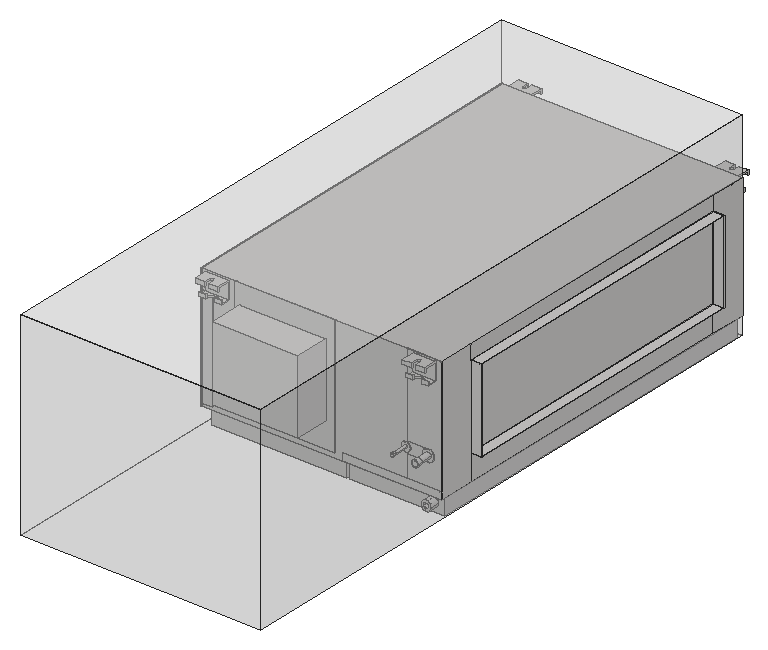
Revit family "outputfile", category 機械設備, Revit 2024
Family settings
  丸型コネクタ寸法 = 半径を使用
  パーツ タイプ = 標準
  OmniClass 番号 = 23.75.10.24.21.27.27
  OmniClass タイトル = Split System Air Conditioning Units
  作業面ベース = いいえ
  常に垂直 = はい
  ロード時にボイドで切り取り = いいえ
  注釈の向きを維持 = いいえ
  共有 = いいえ
  部屋計算ポイント = はい
Parameters (values of type "FDR200QY1")
  Description = ""
  書き出し IFC クラス(タイプ) = "IfcUnitaryEquipmentType"
  定義済み IFC タイプ(タイプ) = "AIRCONDITIONINGUNIT"
  Cost = 0
  Type Comments = ""
  Keynote = ""
  Type Image = (empty or 0)
  Assembly Code = ""
  angle_Drain Pipe [instance] = if(Rear Connection_drainpipe, -90.00°, 90.00°)  # 90.00°
  製造元 = "Daikin"
  モデル = "FDR200QY1"
  w2 = if(Depth = 2195.0 mm, 0.0 mm, if(Depth = 1980.0 mm, 0.0 mm, 352.0 mm))  # 352.0 mm
  w1 = if(Depth = 2195.0 mm, 0.0 mm, if(Depth = 1980.0 mm, 1.0 mm, 20.0 mm))  # 20.0 mm
  switch_frequency = yes
  r_Liquid Pipe Size = Liquid Pipe Size / 2  # 4.75 mm
  r_Gas Pipe Size = Gas Pipe Size / 2  # 9.55 mm
  r_Drain Pipe Size = Drain Pipe Size / 2  # 9.55 mm
  r_D = if(Depth = 2195.0 mm, 41.5 mm, if(Depth = 1980.0 mm, 41.5 mm, 34.5 mm))  # 34.5 mm
  lw_power = if(Depth = 2195.0 mm, Width / 2 - 249.0 mm, if(Depth = 1980.0 mm, Width / 2 - 128.0 mm, Width / 2 - 138.0 mm))  # 287.0 mm
  lw_mountinghole = if(Depth = 2195.0 mm, 100.0 mm, if(Depth = 1980.0 mm, 100.0 mm, if(Depth = 1330.0 mm, 59.0 mm, 59.0 mm)))  # 59.0 mm
  lh_SA = if(Depth = 2195.0 mm, 263.0 mm + SA Duct Size Height / 2, if(Depth = 1980.0 mm, 257.0 mm + SA Duct Size Height / 2, 156.0 mm + SA Duct Size Height / 2))  # 303.0 mm
  ld_SA = if(Depth = 2195.0 mm, 570.0 mm + SA Duct Size Width / 2, if(Depth = 1980.0 mm, 479.0 mm + SA Duct Size Width / 2, 128.0 mm + SA Duct Size Width / 2))  # 665.0 mm
  ld_RA = if(Depth = 2195.0 mm, 171.0 mm + RA Duct Size Width / 2, if(Depth = 1980.0 mm, 169.0 mm + RA Duct Size Width / 2, 128.0 mm + RA Duct Size Width / 2))  # 665.0 mm
  lh_power = if(Depth = 2195.0 mm, 490.0 mm, if(Depth = 1980.0 mm, 300.0 mm, 200.0 mm))  # 200.0 mm
  lh_RA = if(Depth = 2195.0 mm, 60.0 mm + RA Duct Size Height / 2, if(Depth = 1980.0 mm, 61.0 mm + RA Duct Size Height / 2, 156.0 mm + RA Duct Size Height / 2))  # 303.0 mm
  ld_power = if(Depth = 2195.0 mm, 75.8 mm, if(Depth = 1980.0 mm, 70.0 mm, 76.6 mm))  # 76.6 mm
  l_SA = if(Depth = 2195.0 mm, 36.0 mm, if(Depth = 1980.0 mm, 35.0 mm, 39.0 mm))  # 39.0 mm
  l_RA = if(Depth = 2195.0 mm, 36.0 mm, if(Depth = 1980.0 mm, 35.0 mm, 39.0 mm))  # 39.0 mm
  d = if(Depth = 1330.0 mm, 20.0 mm, 0.0 mm)  # 20.0 mm
  connector_voltage = Voltage_50Hz  # 400 V
  connector_powerinput = [Power Input (Cooling)]  # 8.920 kW
  connector_phase = Phase_50Hz  # 3
  Voltage_comment_50Hz = "380 - 415"
  Voltage_50Hz = 400 V
  URL = ""
  Supply Air Direction [instance] = yes
  Sound Power Level_H speed (dB) = 0
  Rear Connection_drainpipe [instance] = not(Front Connection_drainpipe)  # no
  Phase_50Hz = 3
  Minimum External Static Pressure = 0.00 Pa
  Minimum Circuit Amps_50Hz = 4.4 A
  Maximum Fuse Amps_50Hz = 16.0 A
  Maximum External Static Pressure = 98.00 Pa
  Material_Casing = DAIKIN_GalvanizedSteel_Casing_indoorunit
  lw_mountinghole_pitch = if(Depth = 2195.0 mm, 600.0 mm, if(Depth = 1980.0 mm, 600.0 mm, if(Depth = 1330.0 mm, 732.0 mm, 732.0 mm)))  # 732.0 mm
  lh_gaspipe = if(Depth = 2195.0 mm, 205.0 mm, if(Depth = 1980.0 mm, 205.0 mm, 187.0 mm))  # 187.0 mm
  lh_mountinghole = if(Depth = 2195.0 mm, 0.0 mm, if(Depth = 1980.0 mm, 0.0 mm, if(Depth = 1330.0 mm, 495.0 mm, 495.0 mm)))  # 495.0 mm
  lh_liquidpipe = if(Depth = 2195.0 mm, 285.0 mm, if(Depth = 1980.0 mm, 285.0 mm, 187.0 mm))  # 187.0 mm
  lh_drainpipe = if(Depth = 2195.0 mm, 38.0 mm, if(Depth = 1980.0 mm, 38.0 mm, 32.0 mm))  # 32.0 mm
  l_antena = Height - lh_mountinghole + 1.0 mm  # 6.0 mm
  ld_drainpipe = if(Depth = 2195.0 mm, Depth / 2 + 29.0 mm, if(Depth = 1980.0 mm, Depth / 2 + 29.0 mm, Depth / 2 + 9.0 mm))  # 674.0 mm
  ld_liquidpipe = if(Depth = 2195.0 mm, Depth / 2 + 55.0 mm, if(Depth = 1980.0 mm, Depth / 2 + 55.0 mm, Depth / 2 + 60.0 mm))  # 725.0 mm
  ld_gaspipe = if(Depth = 2195.0 mm, Depth / 2 + 55.0 mm, if(Depth = 1980.0 mm, Depth / 2 + 55.0 mm, Depth / 2 + 58.0 mm))  # 723.0 mm
  ld_mountinghole_pitch = if(Depth = 2195.0 mm, 2280.0 mm, if(Depth = 1980.0 mm, 2070.0 mm, 1386.0 mm))  # 1386.0 mm
  h*** = 0.0 mm  # constant formula
  lw_liquidpipe = if(Depth = 2195.0 mm, 83.0 mm, if(Depth = 1980.0 mm, 87.0 mm, 126.0 mm))  # 126.0 mm
  lw_gaspipe = if(Depth = 2195.0 mm, 83.0 mm, if(Depth = 1980.0 mm, 87.0 mm, 47.0 mm))  # 47.0 mm
  lw_drainpipe = if(Depth = 2195.0 mm, 43.0 mm, if(Depth = 1980.0 mm, 45.0 mm, 46.0 mm))  # 46.0 mm
  Width = 850.0 mm
  Version = "ver.1.0"
  Unit Type = "Duct"
  Unit Mass Weight = 106.00 kg
  Unit Designation [instance] = ""
  Uniclass2015Version = "Products v1.30"
  Uniclass2015Title = "Split coil room air conditioning units"
  Uniclass2015Code = "Pr_70_65_03_86"
  Total Cooling Capacity [instance] = 0.000 kW
  Sound Pressure Level_M speed (dBA) = 0
  Sound Pressure Level_L speed (dBA) = 0
  Sound Pressure Level_H speed (dBA) = 57
  Series = "Package Aircon_Fan Coil Unit"
  Sensible Cooling Capacity [instance] = 0.000 kW
  SA Duct Size Width = 1074.0 mm
  SA Duct Size Height = 294.0 mm
  Refrigerant Type = "R410A"
  RA Duct Size Width = 1074.0 mm
  RA Duct Size Height = 294.0 mm
  Power Input (Cooling) = 8.920 kW
  Option Accessory 3 [instance] = ""
  Option Accessory 2 [instance] = ""
  Option Accessory 1 [instance] = ""
  Nominal Cooling Capacity = 23.200 kW
  Minimum Airflow = 0.00 m³/h
  Median Airflow = 0.00 m³/h
  Maximum Airflow = 4680.00 m³/h
  Load Classification = HVAC
  Liquid Pipe Size = 9.5 mm
  Link_Nested Family [instance] = ""
  Front Connection_drainpipe [instance] = yes
  IfcVersion = ""
  IfcExportType = "AIRCONDITIONINGUNIT"
  IfcExportAs = "IfcUnitaryEquipmentType"
  Height = 500.0 mm
  Heat Exchanger Type = "Cross Fin Coil"
  Gas Pipe Size = 19.1 mm
  Frequency_50Hz = 50 Hz
  Fan Type = "Sirocco Fan"
  Fan Drive = "-"
  FCU Tag No. [instance] = ""
  Drain Pipe Size = 19.1 mm
  Design Supply Airflow [instance] = 0.00 m³/h
  Design Return Airflow [instance] = 0.00 m³/h
  Design External Static Pressure [instance] = 0.00 Pa
  Depth = 1330.0 mm
  既定の高さ = 0.0 mm
  Cooling Entering Wet Bulb Temperature [instance] = 0.00 °C
  Cooling Entering Dry Bulb Temperature [instance] = 0.00 °C
  Cooling Ambient Wet Bulb Temperature [instance] = 0.00 °C
  Cooling Ambient Dry Bulb Temperature [instance] = 0.00 °C
  Clearance visibility [instance] = yes
  Clearance Top = 200.0 mm
  Clearance Right = 0.0 mm
  Clearance Rear = 0.0 mm
  Clearance Left = 0.0 mm
  Clearance Front = 800.0 mm
  Clearance Bottom = 0.0 mm
  A = if(Depth = 2195.0 mm, 60.0 mm, if(Depth = 1980.0 mm, 61.0 mm, 63.0 mm))  # 63.0 mm
  300-500 = not([200/250])  # no
  200/250 = Depth = 1330.0 mm  # yes
Reference planes
  plane 1 "Center (Front/Back)": y = 0
  plane 2 "h": z = 0
  plane 3 "Center (Left/Right)": x = 0
  plane 4 "Back": y = 665
  plane 5 "Front": y = -665
  plane 6 "Left": x = -425
  plane 7 "Right": x = 425
  plane 8 "Top": z = 0
  plane 9 "Bottom": z = -500
  plane 10: y = 665
  plane 11: y = -1465
  plane 12: x = -425
  plane 13: x = 425
  plane 14: z = 200
  plane 15: z = -500
  plane 16 "ld_RA": y = 0
  plane 17 "lh_RA": z = -197
  plane 18 "ld_gaspipe": y = -723
  plane 19 "ld_drainpipe": y = -674
  plane 20 "lw_drainpipe": x = 379
  plane 21 "lw_liquidpipe": x = 299
  plane 22 "lw_gaspipe": x = 378
  plane 23 "lw_mountinghole": x = -366
  plane 24 "lw_mountinghole1": x = 366
  plane 25 "ld_mountinghole": y = -693
  plane 26 "ld_mountinghole1": y = 693
  plane 27 "lh_mountinghole": z = -5
  plane 28 "lh_SA": z = -197
  plane 29 "ld_liquidpipe": y = -725
  plane 30 "ld_power": y = -741.6
  plane 31 "ld_drainpipe1": y = 674
  plane 32 "ld_SA": y = 0
  plane 33 "A": z = -437
  plane 34: y = 645
  plane 35: y = -645
  plane 36: x = -405
  plane 37: x = 73
  plane 38: z = -468
  plane 39: z = -468
Forms (mm)
  Extrusion 1, solid, material "DAIKIN_GalvanizedSteel_Casing_indoorunit" <- "Material_Casing"
    sketch origin (0, 0, -500) x (-1, 0, 0) y (0, -1, 0)
      loop
        line (424, -665) -> (424, 665) -> (-425, 665) -> (-425, -665) -> (424, -665)
    from 500 to 63
  Extrusion 2, solid, material "DAIKIN_GalvanizedSteel_Casing_indoorunit" <- "Material_Casing"
    sketch origin (0, 0, -500) x (-1, 0, 0) y (0, -1, 0)
      loop
        line (405, -645) -> (405, 645) -> (-73, 645) -> (-73, -645) -> (405, -645)
    from 0 to 63
  Extrusion 3, solid, material "DAIKIN_GalvanizedSteel_Casing_indoorunit" <- "Material_Casing", visible <- "200/250"
    sketch origin (0, 0, 0) x (1, 0, 0) y (0, 0, 1)
      loop
        line (84.8, -437) -> (84.8, -500) -> (419.6, -500) -> (419.6, -437) -> (84.8, -437)
    from -645 to 645
  Extrusion 4, solid, material "DAIKIN_GalvanizedSteel_Casing_indoorunit" <- "Material_Casing", visible <- "Front Connection_drainpipe"
    sketch origin (73, -645, -500) x (-1, 0, 0) y (0, 0, -1)
      loop
        circle (-306, -32) r 17.25
      loop
        circle (-306, -32) r 9.55
    from 0 to 29
  Extrusion 5, solid, material "DAIKIN_GalvanizedSteel_Casing_indoorunit" <- "Material_Casing", visible <- "Rear Connection_drainpipe"
    sketch origin (-405, 645, -500) x (1, 0, 0) y (0, 0, -1)
      loop
        circle (784, -32) r 17.25
      loop
        circle (784, -32) r 9.55
    from 0 to 29
Dimensions and locks
  "Height": plane 8 "Top" to plane 9 "Bottom"
  equal spacing: plane 4 "Back", plane 1 "Center (Front/Back)", plane 5 "Front"
  "Depth": plane 4 "Back" to plane 5 "Front"
  equal spacing: plane 6 "Left", plane 3 "Center (Left/Right)", plane 7 "Right"
  "Width": plane 6 "Left" to plane 7 "Right"
  "Clearance Left": plane 12 to plane 6 "Left"
  "Clearance Right": plane 7 "Right" to plane 13
  "Clearance Rear": plane 10 to plane 4 "Back"
  "Clearance Front": plane 5 "Front" to plane 11
  "Clearance Top": plane 14 to plane 8 "Top"
  "Clearance Bottom": plane 9 "Bottom" to plane 15
  "ld_RA": plane 16 "ld_RA" to plane 5 "Front"
  "lh_RA": plane 17 "lh_RA" to plane 9 "Bottom"
  "lw_drainpipe": plane 20 "lw_drainpipe" to plane 7 "Right"
  "lw_liquidpipe": plane 21 "lw_liquidpipe" to plane 7 "Right"
  "lw_gaspipe": plane 22 "lw_gaspipe" to plane 7 "Right"
  "lw_mountinghole_pitch": plane 23 "lw_mountinghole" to plane 24 "lw_mountinghole1"
  equal spacing: plane 25 "ld_mountinghole", plane 1 "Center (Front/Back)", plane 26 "ld_mountinghole1"
  "ld_mountinghole_pitch": plane 26 "ld_mountinghole1" to plane 25 "ld_mountinghole"
  "lh_mountinghole": plane 27 "lh_mountinghole" to plane 9 "Bottom"
  "lh_SA": plane 28 "lh_SA" to plane 9 "Bottom"
  "h***": plane 8 "Top" to plane 2 "h"
  "lw_mountinghole": plane 6 "Left" to plane 23 "lw_mountinghole"
  "ld_drainpipe": plane 31 "ld_drainpipe1" to plane 1 "Center (Front/Back)"
  "ld_drainpipe": plane 1 "Center (Front/Back)" to plane 19 "ld_drainpipe"
  "ld_power": plane 5 "Front" to plane 30 "ld_power"
  "ld_liquidpipe": plane 29 "ld_liquidpipe" to plane 1 "Center (Front/Back)"
  "ld_gaspipe": plane 18 "ld_gaspipe" to plane 1 "Center (Front/Back)"
  "ld_SA": plane 32 "ld_SA" to plane 5 "Front"
  "A": plane 33 "A" to plane 9 "Bottom"
  "w1": plane 6 "Left" to plane 36
  "d": plane 4 "Back" to plane 34
  "d": plane 35 to plane 5 "Front"
  "w2": plane 37 to plane 7 "Right"
  locked: plane 6 "Left" to Extrusion 1 sketch curve at 1
  locked: Extrusion 3 sketch curve to Extrusion 3 sketch curve at 334.8
  locked: Extrusion 3 sketch curve to plane 7 "Right" at 5.4
  "lh_drainpipe": plane 38 to plane 9 "Bottom"
  "lh_drainpipe": plane 39 to plane 9 "Bottom"
  "r_D": diameter of Extrusion 4 sketch curve
  "Drain Pipe Size": diameter of Extrusion 4 sketch curve
  "Drain Pipe Size": diameter of Extrusion 5 sketch curve
  "r_D": diameter of Extrusion 5 sketch curve
  aligned and locked: level to plane 2 "h"
  aligned and locked: nested 4 to plane 11
  aligned and locked: nested 4 to plane 12  (x2)
  aligned and locked: nested 4 to plane 13
  aligned and locked: plane 10 to nested 4
  aligned and locked: plane 14 to nested 4
  aligned and locked: plane 15 to nested 4
  aligned and locked: nested 2 to plane 21 "lw_liquidpipe"
  aligned and locked: nested 1 to plane 22 "lw_gaspipe"
  aligned and locked: nested 1 to plane 18 "ld_gaspipe"
  aligned and locked: plane 23 "lw_mountinghole" to nested 6
  aligned and locked: nested 6 to plane 26 "ld_mountinghole1"
  aligned and locked: plane 24 "lw_mountinghole1" to nested 5
  aligned and locked: nested 5 to plane 26 "ld_mountinghole1"
  aligned and locked: plane 24 "lw_mountinghole1" to nested 8
  aligned and locked: plane 25 "ld_mountinghole" to nested 8
  aligned and locked: plane 25 "ld_mountinghole" to nested 7
  aligned and locked: plane 23 "lw_mountinghole" to nested 7
  aligned and locked: nested 2 to plane 29 "ld_liquidpipe"
  aligned and locked: plane 28 "lh_SA" to nested 9
  aligned and locked: nested 3 to plane 3 "Center (Left/Right)"
  aligned and locked: plane 1 "Center (Front/Back)" to nested 3
  aligned and locked: nested 11 to plane 3 "Center (Left/Right)"
  aligned and locked: nested 11 to plane 30 "ld_power"
  aligned and locked: nested 9 to plane 6 "Left"
  aligned and locked: nested 9 to plane 32 "ld_SA"
  aligned and locked: plane 7 "Right" to nested 10
  aligned and locked: plane 16 "ld_RA" to nested 10
  aligned and locked: plane 7 "Right" to nested 12
  aligned and locked: nested 12 to plane 1 "Center (Front/Back)"
  aligned and locked: plane 1 "Center (Front/Back)" to nested 13
  aligned and locked: nested 13 to plane 6 "Left"
  aligned and locked: plane 9 "Bottom" to nested 13
  aligned and locked: Extrusion 1 sketch curve to plane 4 "Back"
  aligned and locked: plane 5 "Front" to Extrusion 1 sketch curve
  aligned and locked: Extrusion 1 sketch curve to plane 7 "Right"
  aligned and locked: Extrusion 1 to plane 8 "Top"
  aligned and locked: Extrusion 1 to plane 33 "A"
  aligned and locked: Extrusion 2 sketch curve to plane 34
  aligned and locked: plane 36 to Extrusion 2 sketch curve
  aligned and locked: plane 35 to Extrusion 2 sketch curve
  aligned and locked: Extrusion 2 sketch curve to plane 37
  aligned and locked: plane 33 "A" to Extrusion 2
  aligned and locked: Extrusion 2 to plane 9 "Bottom"
  aligned and locked: plane 25 "ld_mountinghole" to nested 14
  aligned and locked: nested 15 to plane 26 "ld_mountinghole1"
  aligned and locked: plane 23 "lw_mountinghole" to nested 14
  aligned and locked: nested 15 to plane 23 "lw_mountinghole"
  aligned and locked: plane 9 "Bottom" to nested 15
  aligned and locked: nested 14 to plane 9 "Bottom"
  aligned and locked: plane 23 "lw_mountinghole" to nested 16
  aligned and locked: plane 24 "lw_mountinghole1" to nested 17
  aligned and locked: nested 16 to plane 25 "ld_mountinghole"
  aligned and locked: nested 17 to plane 25 "ld_mountinghole"
  aligned and locked: nested 18 to plane 26 "ld_mountinghole1"
  aligned and locked: nested 19 to plane 26 "ld_mountinghole1"
  aligned and locked: nested 19 to plane 24 "lw_mountinghole1"
  aligned and locked: nested 18 to plane 23 "lw_mountinghole"
  aligned and locked: plane 27 "lh_mountinghole" to nested 18
  aligned and locked: plane 27 "lh_mountinghole" to nested 16
  aligned and locked: plane 27 "lh_mountinghole" to nested 19
  aligned and locked: plane 27 "lh_mountinghole" to nested 17
  aligned and locked: plane 8 "Top" to nested 12
  aligned and locked: Extrusion 3 sketch curve to plane 33 "A"
  aligned and locked: plane 9 "Bottom" to Extrusion 3 sketch curve
  aligned and locked: Extrusion 3 to Extrusion 2
  aligned and locked: Extrusion 2 to Extrusion 3
  aligned and locked: nested 20 to plane 5 "Front"
  aligned and locked: plane 3 "Center (Left/Right)" to nested 20
  aligned and locked: plane 9 "Bottom" to nested 20
  aligned and locked: Extrusion 4 sketch curve to plane 20 "lw_drainpipe"  (x2)
  aligned and locked: plane 38 to Extrusion 4 sketch curve  (x2)
  aligned and locked: Extrusion 4 to plane 19 "ld_drainpipe"
  aligned and locked: Extrusion 5 sketch curve to plane 20 "lw_drainpipe"  (x2)
  aligned and locked: plane 39 to Extrusion 5 sketch curve  (x2)
  aligned and locked: plane 31 "ld_drainpipe1" to Extrusion 5
  aligned and locked: plane 1 "Center (Front/Back)" to nested 21
  aligned and locked: nested 21 to plane 20 "lw_drainpipe"
Nested families
  nested 1: "daikin_connector_rotate2" at (378, 0, -313), length <- "ld_gaspipe", built-in parameter 1001364 <- "lh_gaspipe", radius <- "r_Gas Pipe Size", type "daikin_connector_rotate2"
    with radius 9.55 mm, length 723.0 mm, angle_vertical 90.00°
  nested 2: "daikin_connector_rotate2" at (299, 0, -313), length <- "ld_liquidpipe", built-in parameter 1001364 <- "lh_liquidpipe", radius <- "r_Liquid Pipe Size", type "daikin_connector_rotate2"
    with radius 4.75 mm, length 725.0 mm, angle_vertical 90.00°
  nested 3: "daikin_△_symbolicline" at (0, 0, 500) x (0, -1, 0) z (0, 0, 1), built-in parameter 1001364 <- "Height", visible <- "Supply Air Direction", type "daikin_△_symbolicline"
    with length 250.0 mm
  nested 4: "daikin_clearancespace" at (0, -400, -149.881), visible <- "Clearance visibility", show <- "Clearance visibility", Link_Nested Family <- "Link_Nested Family", type "daikin_clearancespace"
    with width 850.0 mm, show yes, height 700.0 mm, depth 2130.0 mm, Link_Nested Family ""
  nested 5: "daikin_mountinghole" at (366, 693, -500), l_antenna <- "l_antena", Link_Nested Family <- "Link_Nested Family", h_mountinghole <- "lh_mountinghole", type "daikin_mountinghole"
    with show yes, l_antenna 6.0 mm, h_mountinghole 495.0 mm, Link_Nested Family ""
  nested 6: "daikin_mountinghole" at (-366, 693, -500), l_antenna <- "l_antena", Link_Nested Family <- "Link_Nested Family", h_mountinghole <- "lh_mountinghole", type "daikin_mountinghole"
    with show yes, l_antenna 6.0 mm, h_mountinghole 495.0 mm, Link_Nested Family ""
  nested 7: "daikin_mountinghole" at (-366, -693, -500), h_mountinghole <- "lh_mountinghole", l_antenna <- "l_antena", Link_Nested Family <- "Link_Nested Family", type "daikin_mountinghole"
    with show yes, l_antenna 6.0 mm, h_mountinghole 495.0 mm, Link_Nested Family ""
  nested 8: "daikin_mountinghole" at (366, -693, -500), h_mountinghole <- "lh_mountinghole", l_antenna <- "l_antena", Link_Nested Family <- "Link_Nested Family", type "daikin_mountinghole"
    with show yes, l_antenna 6.0 mm, h_mountinghole 495.0 mm, Link_Nested Family ""
  nested 9: "daikin_connector_rotate2" at (-425, 0, -197) x (0, -1, 0) z (0, 0, 1), built-in parameter 1001364 <- "lh_SA", length <- "l_SA", type "daikin_connector_rotate2"
    with radius 10.0 mm, length 39.0 mm, angle_vertical 90.00°
  nested 10: "daikin_connector_rotate2" at (425, 0, -197) x (0, 1, 0) z (0, 0, 1), built-in parameter 1001364 <- "lh_RA", length <- "l_RA", type "daikin_connector_rotate2"
    with radius 10.0 mm, length 39.0 mm, angle_vertical 90.00°
  nested 11: "daikin_connector_rotate2" at (0, -741.6, -300) x (0, -1, 0) z (0, 0, 1), length <- "lw_power", built-in parameter 1001364 <- "lh_power", type "daikin_connector_rotate2"
    with radius 10.0 mm, length 287.0 mm, angle_vertical 90.00°
  nested 12: "daikin_RA ductflange_FDR-QY1" at (425, 0, -500) x (0, 1, 0) z (0, 0, 1), type "daikin_RA ductflange_FDR-QY1"
    with lh_RA 156.0 mm, ld_RA 128.0 mm, l_RA 39.0 mm, a 63.0 mm, RA Duct Size Width 1074.0 mm, RA Duct Size Height 294.0 mm, Depth 1330.0 mm, Height 500.0 mm, t 0.8 mm, 200/250 yes
  nested 13: "daikin_SA ductflange_FDR-QY1" at (-425, 0, -500) x (0, -1, 0) z (0, 0, 1), type "daikin_SA ductflange_FDR-QY1"
    with lh_SA 156.0 mm, ld_SA 128.0 mm, l_SA 39.0 mm, a 63.0 mm, SA Duct Size Width 1074.0 mm, SA Duct Size Height 294.0 mm, Depth 1330.0 mm, Height 500.0 mm, t 0.8 mm, 450/500 no, 200/250以外 no, 200/250 yes
  nested 14: "daikin_anchor boltsfixture_FDR-QY1" at (-366, -693, -500), visible <- "300-500", type "daikin_anchor boltsfixture_FDR-QY1"
    with b 45.0 mm, a 61.0 mm, Width 850.0 mm, Height 500.0 mm
  nested 15: "daikin_anchor boltsfixture_FDR-QY1" at (-366, 693, -500), visible <- "300-500", type "daikin_anchor boltsfixture_FDR-QY1"
    with b 45.0 mm, a 61.0 mm, Width 850.0 mm, Height 500.0 mm
  nested 16: "daikin_hangerfixture_FDR-QY1" at (-366, -693, -5) x (0, 1, 0) z (0, 0, 1), visible <- "200/250", type "daikin_hangerfixture_FDR-QY1"
  nested 17: "daikin_hangerfixture_FDR-QY1" at (366, -693, -5) x (0, 1, 0) z (0, 0, 1), visible <- "200/250", type "daikin_hangerfixture_FDR-QY1"
  nested 18: "daikin_hangerfixture_FDR-QY1" at (-366, 693, -5) x (0, -1, 0) z (0, 0, 1), visible <- "200/250", type "daikin_hangerfixture_FDR-QY1"
  nested 19: "daikin_hangerfixture_FDR-QY1" at (366, 693, -5) x (0, -1, 0) z (0, 0, 1), visible <- "200/250", type "daikin_hangerfixture_FDR-QY1"
  nested 20: "daikin_rightpanel_FDR-QY1" at (0, -665, -500), material <- "Material_Casing", type "daikin_rightpanel_FDR-QY1"
    with material DAIKIN_GalvanizedSteel_Casing_indoorunit, 内径_gaspipe 19.1 mm, 内径_liquidpipe 9.5 mm
  nested 21: "daikin_connector_rotate2" at (379, 0, -468), built-in parameter 1001364 <- "lh_drainpipe", length <- "ld_drainpipe", radius <- "r_Drain Pipe Size", angle_vertical <- "angle_Drain Pipe", type "daikin_connector_rotate2"
    with radius 9.55 mm, length 674.0 mm, angle_vertical 90.00°
Connectors
  piping at (378, -723, -313), diameter 19.1, driven by "r_Gas Pipe Size"
    settings: on nested 1, index 4, connector inside diameter 609.6 mm, connector length 0.0 mm, flow factor 0, pipe flow 0.00 m³/h, pressure drop 0.0 Pa, fitting loss kfactor 0, connector angle 0.00°, fixture units 0, engagement length 0.0 mm, angle of deflection 0.00°, flow configuration 1, flow direction 2, fitting loss method 0, system type 29, joint type 0, gender type 0, connector reference index -1, connector utility 0, adjustable connector no, is connector primary yes, connector description "Refrigerant Gas Piping"
  piping at (299, -725, -313), diameter 9.5, driven by "r_Liquid Pipe Size"
    settings: on nested 2, index 5, connector inside diameter 609.6 mm, connector length 0.0 mm, flow factor 0, pipe flow 0.00 m³/h, pressure drop 0.0 Pa, fitting loss kfactor 0, connector angle 0.00°, fixture units 0, engagement length 0.0 mm, angle of deflection 0.00°, flow configuration 1, flow direction 1, fitting loss method 0, system type 29, joint type 0, gender type 0, connector reference index -1, connector utility 0, adjustable connector no, is connector primary no, connector description "Refrigerant Liquid Piping"
  hvac at (-464, 0, -197), driven by "SA Duct Size Height", driven by "SA Duct Size Width"
    settings: on nested 9, index 7, duct flow 0.00 m³/h, flow factor 0, pres drop 0.00 Pa, loss coef 0, conn angle 0.00°, conn width 1074.0 mm, conn height 294.0 mm, conn diameter 609.6 mm, duct sys type 1, conn prof type 1, flow config 0, flow direction 2, loss method 4, conn ref index -1, conn util no, is conn primary yes, conn desc "SA Duct"
  hvac at (464, 0, -197), driven by "RA Duct Size Height", driven by "RA Duct Size Width"
    settings: on nested 10, index 8, duct flow 0.00 m³/h, flow factor 0, pres drop 0.00 Pa, loss coef 0, conn angle 0.00°, conn width 1074.0 mm, conn height 294.0 mm, conn diameter 609.6 mm, duct sys type 2, conn prof type 1, flow config 0, flow direction 1, loss method 4, conn ref index -1, conn util no, is conn primary no, conn desc "RA Duct"
  electrical at (-287, -741.6, -300), driven by "connector_phase", driven by "Load Classification", driven by "connector_voltage", driven by "connector_powerinput"
    settings: on nested 11, index 9, voltage 400 V, apparent load 8920 VA, apparent load phase1 0 VA, apparent load phase2 0 VA, apparent load phase3 0 VA, power factor 1, load classification "HVAC", number of poles 3, system type 30, power factor state 1, is connector primary yes, connector utility no, sub classification motor no, connector description "Power Supply"
  piping at (379, -674, -468), diameter 19.1, driven by "r_Drain Pipe Size"
    settings: on nested 21, index 10, connector inside diameter 609.6 mm, connector length 0.0 mm, flow factor 0, pipe flow 0.00 m³/h, pressure drop 0.0 Pa, fitting loss kfactor 0, connector angle 0.00°, fixture units 0, engagement length 0.0 mm, angle of deflection 0.00°, flow configuration 1, flow direction 2, fitting loss method 4, system type 16, joint type 0, gender type 0, connector reference index -1, connector utility 0, adjustable connector no, is connector primary no, connector description "Condensate Drain Piping"
Definition of nested family "daikin_clearancespace"
  Parameters (values of type "daikin_clearancespace")
    Description = "daikin_clearancespace"
    width [instance] = 1823.963 mm
    show [instance] = yes
    material = none
    height [instance] = 1359.762 mm
    depth [instance] = 880.0 mm
    Default Elevation = 0.0 mm
    Link_Nested Family [instance] = ""
  Reference planes
    plane 1 "Center (Front/Back)": y = 0
    plane 2 "Center (Elevation)": z = -0.119
    plane 3 "Center (Left/Right)": x = 0
    plane 4: y = 440
    plane 5: y = -440
    plane 6 "Right": x = 911.982
    plane 7 "Left": x = -911.982
    plane 8 "Top": z = 679.762
    plane 9 "Bottom": z = -680
  Forms (mm)
    Extrusion 1, solid, material <- "material", visible <- "show"
      sketch origin (0, 0, 0) x (1, 0, 0) y (0, 1, 0)
        loop
          line (-911.982, 440) -> (-911.982, -440) -> (911.982, -440) -> (911.982, 440) -> (-911.982, 440)
      from -680 to 679.762
  Lines and regions (mm)
    symbolic lines, visible <- "show"
      curve 1: line (911.982, 440, 0) -> (-911.982, 440, 0)
      curve 2: line (-911.982, 440, 0) -> (-911.982, -440, 0)
      curve 3: line (-911.982, -440, 0) -> (911.982, -440, 0)
      curve 4: line (911.982, -440, 0) -> (911.982, 440, 0)
      curve 5: line (911.982, 0, 679.762) -> (-911.982, 0, 679.762)
      curve 6: line (911.982, 0, -680) -> (911.982, 0, 679.762)
      curve 7: line (-911.982, 0, -680) -> (911.982, 0, -680)
      curve 8: line (-911.982, 0, 679.762) -> (-911.982, 0, -680)
      curve 9: line (0, 440, 679.762) -> (0, -440, 679.762)
      curve 10: line (0, -440, 679.762) -> (0, -440, -680)
      curve 11: line (0, 440, -680) -> (0, 440, 679.762)
      curve 12: line (0, -440, -680) -> (0, 440, -680)
  Dimensions and locks
    "width": plane 7 "Left" to plane 6 "Right"
    "depth": plane 4 to plane 5
    "height": plane 8 "Top" to plane 9 "Bottom"
    equal spacing: plane 7 "Left", plane 3 "Center (Left/Right)", plane 6 "Right"
    equal spacing: plane 4, plane 1 "Center (Front/Back)", plane 5
    equal spacing: plane 8 "Top", plane 2 "Center (Elevation)", plane 9 "Bottom"
    aligned and locked: level to plane 2 "Center (Elevation)"
    aligned and locked: Extrusion 1 sketch curve to plane 4
    aligned and locked: plane 7 "Left" to Extrusion 1 sketch curve
    aligned and locked: Extrusion 1 sketch curve to plane 5
    aligned and locked: Extrusion 1 sketch curve to plane 6 "Right"
    aligned and locked: plane 8 "Top" to Extrusion 1
    aligned and locked: curve 1 to Extrusion 1
    aligned and locked: curve 2 to Extrusion 1
    aligned and locked: curve 3 to Extrusion 1
    aligned and locked: curve 4 to Extrusion 1
    aligned and locked: curve 5 to Extrusion 1
    aligned and locked: curve 6 to Extrusion 1
    aligned and locked: curve 7 to Extrusion 1
    aligned and locked: curve 8 to Extrusion 1
    aligned and locked: curve 9 to Extrusion 1
    aligned and locked: curve 10 to Extrusion 1
    aligned and locked: curve 11 to Extrusion 1
    aligned and locked: curve 12 to Extrusion 1
    aligned and locked: Extrusion 1 to plane 9 "Bottom"
Definition of nested family "daikin_RA ductflange_FDR-QY1"
  Parameters (values of type "daikin_RA ductflange_FDR-QY14")
    lh_RA = if(Depth = 2195.0 mm, 60.0 mm, if(Depth = 1980.0 mm, 61.0 mm, 156.0 mm))  # 60.0 mm
    ld_RA = if(Depth = 2195.0 mm, 171.0 mm, if(Depth = 1980.0 mm, 169.0 mm, 128.0 mm))  # 171.0 mm
    l_RA = if(Depth = 2195.0 mm, 36.0 mm, if(Depth = 1980.0 mm, 35.0 mm, 39.0 mm))  # 36.0 mm
    a = if(Depth = 2195.0 mm, 60.0 mm, if(Depth = 1980.0 mm, 61.0 mm, 63.0 mm))  # 60.0 mm
    RA Duct Size Width = if(Depth = 2195.0 mm, 1974.0 mm, if(Depth = 1980.0 mm, 1764.0 mm, 1074.0 mm))  # 1974.0 mm
    RA Duct Size Height = if(Depth = 2195.0 mm, 679.0 mm, if(Depth = 1980.0 mm, 544.0 mm, 294.0 mm))  # 679.0 mm
    Depth = 2195.0 mm
    material = none
    Height = 760.0 mm
    t = if(Depth = 1330.0 mm, 0.8 mm, 1.0 mm)  # 1.0 mm
    Default Elevation = 0.0 mm
    200/250 = Depth = 1330.0 mm  # no
  Reference planes
    plane 1 "Center (Front/Back)": y = 0
    plane 2: z = 0
    plane 3 "Center (Left/Right)": x = 0
    plane 4: x = -1097.5
    plane 5: x = 1097.5
    plane 6: z = 760
    plane 7: z = 739
    plane 8 "a": z = 60
    plane 9: x = -926.5
    plane 10: x = 1047.5
    plane 11: x = -925.5
    plane 12: x = 1046.5
    plane 13: z = 60
    plane 14: y = -36
    plane 15: y = 1
    plane 16: x = -925.5
    plane 17: x = 1046.5
  Forms (mm)
    Extrusion 1, solid, material <- "material"
      sketch origin (0, 0, 0) x (1, 0, 0) y (0, 0, 1)
        loop
          line (-1097.5, 760) -> (-1097.5, 60) -> (-925.5, 60) -> (-925.5, 760) -> (-1097.5, 760)
      from 0 to -1
    Extrusion 2, solid, material <- "material"
      sketch origin (0, 0, 0) x (1, 0, 0) y (0, 0, 1)
        loop
          line (1097.5, 760) -> (1046.5, 760) -> (1046.5, 60) -> (1097.5, 60) -> (1097.5, 760)
      from 0 to -1
    Extrusion 3, solid, material <- "material"
      sketch origin (0, 0, 0) x (1, 0, 0) y (0, 0, 1)
        loop
          line (-926.5, 739) -> (-926.5, 60) -> (-925.5, 60) -> (-925.5, 739) -> (-926.5, 739)
        loop
          line (1046.5, 739) -> (1046.5, 60) -> (1047.5, 60) -> (1047.5, 739) -> (1046.5, 739)
      from 0 to 36
    Extrusion 4, solid, material <- "material"
      sketch origin (0, 0, 0) x (0, 1, 0) y (0, 0, 1)
        loop
          line (-36, 739) -> (-36, 738) -> (1, 738) -> (1, 760) -> (0, 760) -> (0, 739) -> (-36, 739)
        loop
          line (-36, 61) -> (-36, 60) -> (1, 60) -> (1, 61) -> (-36, 61)
      from -925.5 to 1046.5
    Extrusion 5, solid, material <- "material", visible <- "200/250"
      sketch origin (0, 0, 0) x (0, 1, 0) y (0, 0, 1)
        loop
          line (0, 60) -> (0, -33) -> (1, -33) -> (1, 60) -> (0, 60)
      from -925.5 to 1046.5
  Dimensions and locks
    equal spacing: plane 5, plane 3 "Center (Left/Right)", plane 4
    "Depth": plane 5 to plane 4
    "Height": plane 6 to plane 2
    "ld_RA": plane 9 to plane 4
    "RA Duct Size Width": plane 10 to plane 9
    "a": plane 8 "a" to plane 2
    "t": plane 11 to plane 9
    "t": plane 10 to plane 12
    "lh_RA": plane 13 to plane 2
    "RA Duct Size Height": plane 7 to plane 13
    "t": Extrusion 3 sketch curve to Extrusion 3 sketch curve  (x2)
    "l_RA": plane 14 to plane 1 "Center (Front/Back)"
    "t": plane 15 to plane 1 "Center (Front/Back)"
    "t": Extrusion 4 sketch curve to Extrusion 4 sketch curve  (x2)
    "t": plane 17 to plane 10
    "t": plane 9 to plane 16
    locked: Extrusion 5 sketch curve to Extrusion 5 sketch curve at 93
    aligned and locked: level to plane 2
    aligned and locked: Extrusion 1 sketch curve to plane 6
    aligned and locked: plane 4 to Extrusion 1 sketch curve
    aligned and locked: plane 8 "a" to Extrusion 1 sketch curve
    aligned and locked: Extrusion 1 sketch curve to plane 11
    aligned and locked: Extrusion 1 to plane 1 "Center (Front/Back)"
    aligned and locked: plane 6 to Extrusion 2 sketch curve
    aligned and locked: plane 5 to Extrusion 2 sketch curve
    aligned and locked: Extrusion 2 sketch curve to plane 8 "a"
    aligned and locked: Extrusion 2 sketch curve to plane 12
    aligned and locked: Extrusion 2 to plane 1 "Center (Front/Back)"
    aligned and locked: Extrusion 3 sketch curve to plane 7  (x2)
    aligned and locked: plane 9 to Extrusion 3 sketch curve
    aligned and locked: Extrusion 3 sketch curve to plane 10
    aligned and locked: plane 13 to Extrusion 3 sketch curve  (x2)
    aligned and locked: Extrusion 3 to plane 1 "Center (Front/Back)"
    aligned and locked: Extrusion 3 to plane 14
    aligned and locked: plane 15 to Extrusion 1
    aligned and locked: plane 15 to Extrusion 2
    aligned and locked: Extrusion 4 sketch curve to plane 7
    aligned and locked: Extrusion 4 sketch curve to plane 1 "Center (Front/Back)"
    aligned and locked: Extrusion 4 sketch curve to plane 6
    aligned and locked: Extrusion 4 sketch curve to plane 15  (x2)
    aligned and locked: plane 14 to Extrusion 4 sketch curve  (x2)
    aligned and locked: plane 13 to Extrusion 4 sketch curve
    aligned and locked: Extrusion 4 to plane 16
    aligned and locked: plane 17 to Extrusion 4
    aligned and locked: Extrusion 5 sketch curve to plane 13
    aligned and locked: Extrusion 5 sketch curve to plane 1 "Center (Front/Back)"
    aligned and locked: Extrusion 5 sketch curve to plane 15
    aligned and locked: Extrusion 5 to plane 16
    aligned and locked: plane 17 to Extrusion 5
Definition of nested family "daikin_SA ductflange_FDR-QY1"
  Parameters (values of type "daikin_SA ductflange_FDR-QY14")
    lh_SA = if(Depth = 2195.0 mm, 263.0 mm, if(Depth = 1980.0 mm, 257.0 mm, 156.0 mm))  # 263.0 mm
    ld_SA = if(Depth = 2195.0 mm, 570.0 mm, if(Depth = 1980.0 mm, 479.0 mm, 128.0 mm))  # 570.0 mm
    l_SA = if(Depth = 2195.0 mm, 36.0 mm, if(Depth = 1980.0 mm, 35.0 mm, 39.0 mm))  # 36.0 mm
    a = if(Depth = 2195.0 mm, 60.0 mm, if(Depth = 1980.0 mm, 61.0 mm, 63.0 mm))  # 60.0 mm
    SA Duct Size Width = if(Depth = 2195.0 mm, 1045.0 mm, if(Depth = 1980.0 mm, 1045.0 mm, 1074.0 mm))  # 1045.0 mm
    SA Duct Size Height = if(Depth = 2195.0 mm, 347.0 mm, if(Depth = 1980.0 mm, 349.0 mm, 294.0 mm))  # 347.0 mm
    Depth = 2195.0 mm
    material = none
    Height = 760.0 mm
    t = if(Depth = 1330.0 mm, 0.8 mm, 1.0 mm)  # 1.0 mm
    Default Elevation = 0.0 mm
    450/500 = Depth = 2195.0 mm  # yes
    300/400 = Depth = 1980.0 mm  # no
    200/250以外 = not(Depth = 1330.0 mm)  # yes
    200/250 = or(Depth = 1330.0 mm, and(not(Depth = 1980.0 mm), not(Depth = 2195.0 mm)))  # no
  Reference planes
    plane 1 "Center (Front/Back)": y = 0
    plane 2: z = 0
    plane 3 "Center (Left/Right)": x = 0
    plane 4: x = -1097.5
    plane 5: x = 1097.5
    plane 6: z = 760
    plane 7: z = 610
    plane 8 "a": z = 60
    plane 9: x = -517.5
    plane 10: x = 527.5
    plane 11: z = 263
    plane 12: y = -36
    plane 13: y = 1
    plane 14: x = -516.5
    plane 15: x = 526.5
  Forms (mm)
    Extrusion 1, solid, material <- "material"
      sketch origin (0, 0, 0) x (1, 0, 0) y (0, 0, 1)
        loop
          line (-517.5, 610) -> (-517.5, 263) -> (-516.5, 263) -> (-516.5, 610) -> (-517.5, 610)
        loop
          line (526.5, 610) -> (526.5, 263) -> (527.5, 263) -> (527.5, 610) -> (526.5, 610)
      from 0 to 36
    Extrusion 2, solid, material <- "material"
      sketch origin (0, 0, 0) x (0, 1, 0) y (0, 0, 1)
        loop
          line (-36, 610) -> (-36, 609) -> (1, 609) -> (1, 610) -> (-36, 610)
        loop
          line (-36, 264) -> (-36, 263) -> (1, 263) -> (1, 264) -> (-36, 264)
      from -516.5 to 526.5
    Extrusion 3, solid, material <- "material", visible <- "200/250以外"
      sketch origin (0, 0, 0) x (1, 0, 0) y (0, 0, 1)
        loop
          line (-537.5, 610) -> (-537.5, 263) -> (-517.5, 263) -> (-517.5, 610) -> (-537.5, 610)
        loop
          line (527.5, 610) -> (527.5, 263) -> (547.5, 263) -> (547.5, 610) -> (527.5, 610)
      from 0 to -1
    Extrusion 4, solid, material <- "material", visible <- "200/250以外"
      sketch origin (0, 0, 0) x (1, 0, 0) y (0, 0, 1)
        loop
          line (-517.5, 630) -> (-517.5, 610) -> (527.5, 610) -> (527.5, 630) -> (-517.5, 630)
        loop
          line (-517.5, 263) -> (-517.5, 243) -> (527.5, 243) -> (527.5, 263) -> (-517.5, 263)
      from 0 to -1
    Extrusion 5, solid, material <- "material", visible <- "200/250"
      sketch origin (0, 0, 0) x (1, 0, 0) y (0, 0, 1)
        loop
          line (-1097.5, 760) -> (-1097.5, 60) -> (-546.5, 60) -> (-546.5, 760) -> (-1097.5, 760)
        loop
          line (655.5, 760) -> (527.5, 760) -> (527.5, 60) -> (655.5, 60) -> (655.5, 760)
      from 0 to -1
    Extrusion 6, solid, material <- "material", visible <- "200/250"
      sketch origin (0, 0, 0) x (1, 0, 0) y (0, 0, 1)
        loop
          line (-517.5, 660) -> (-517.5, 610) -> (527.5, 610) -> (527.5, 660) -> (-517.5, 660)
        loop
          line (-517.5, 263) -> (-517.5, 170) -> (527.5, 170) -> (527.5, 263) -> (-517.5, 263)
      from 0 to -1
    Extrusion 7, solid, material <- "material", visible <- "450/500"
      sketch origin (0, 0, 0) x (1, 0, 0) y (0, 0, 1)
        loop
          line (-687.5, 610) -> (-687.5, 60) -> (-537.5, 60) -> (-537.5, 610) -> (-687.5, 610)
        loop
          line (547.5, 610) -> (547.5, 60) -> (696.5, 60) -> (696.5, 610) -> (547.5, 610)
      from 0 to -1
    Extrusion 8, solid, material <- "material", visible <- "450/500"
      sketch origin (0, 0, 0) x (1, 0, 0) y (0, 0, 1)
        loop
          line (-537.5, 243) -> (-537.5, 60) -> (547.5, 60) -> (547.5, 243) -> (-537.5, 243)
        loop
          line (-688.5, 760) -> (-688.5, 610) -> (698.5, 610) -> (698.5, 760) -> (-688.5, 760)
      from 0 to -1
    Extrusion 9, solid, material <- "material", visible <- "450/500"
      sketch origin (0, 0, 0) x (1, 0, 0) y (0, 0, 1)
        loop
          line (-1097.5, 760) -> (-1097.5, 60) -> (-688.5, 60) -> (-688.5, 760) -> (-1097.5, 760)
        loop
          line (698.5, 760) -> (698.5, 60) -> (1097.5, 60) -> (1097.5, 760) -> (698.5, 760)
      from 0 to -1
    Extrusion 10, solid, material <- "material", visible <- "300/400"
      sketch origin (0, 0, 0) x (1, 0, 0) y (0, 0, 1)
        loop
          line (-687.5, 760) -> (-687.5, 60) -> (-537.5, 60) -> (-537.5, 760) -> (-687.5, 760)
        loop
          line (547.5, 760) -> (547.5, 60) -> (696.5, 60) -> (696.5, 760) -> (547.5, 760)
      from 0 to -1
    Extrusion 11, solid, material <- "material", visible <- "300/400"
      sketch origin (0, 0, 0) x (1, 0, 0) y (0, 0, 1)
        loop
          line (-537.5, 236) -> (-537.5, 60) -> (547.5, 60) -> (547.5, 236) -> (-537.5, 236)
      from 0 to -1
    Extrusion 12, solid, material <- "material", visible <- "300/400"
      sketch origin (0, 0, 0) x (1, 0, 0) y (0, 0, 1)
        loop
          line (-973.5, 760) -> (-973.5, 0) -> (1006.5, 0) -> (1006.5, 760) -> (696.5, 760) -> (696.5, 60) -> (-687.5, 60) -> (-687.5, 760) -> (-973.5, 760)
      from 0 to -1
  Dimensions and locks
    equal spacing: plane 5, plane 3 "Center (Left/Right)", plane 4
    "Depth": plane 5 to plane 4
    "Height": plane 6 to plane 2
    "SA Duct Size Width": plane 10 to plane 9
    "a": plane 8 "a" to plane 2
    "lh_SA": plane 11 to plane 2
    "SA Duct Size Height": plane 7 to plane 11
    "t": Extrusion 1 sketch curve to Extrusion 1 sketch curve  (x2)
    "l_SA": plane 12 to plane 1 "Center (Front/Back)"
    "t": plane 13 to plane 1 "Center (Front/Back)"
    "t": Extrusion 2 sketch curve to Extrusion 2 sketch curve  (x2)
    "t": plane 15 to plane 10
    "t": plane 9 to plane 14
    locked: Extrusion 3 sketch curve to Extrusion 3 sketch curve at 20  (x2)
    locked: Extrusion 4 sketch curve to Extrusion 4 sketch curve at 20  (x2)
    Extrusion 5 sketch curve to Extrusion 5 sketch curve to Extrusion 5 sketch curve = 1074.0 mm, 128.0 mm
    locked: Extrusion 6 sketch curve to Extrusion 6 sketch curve at 50
    locked: Extrusion 6 sketch curve to Extrusion 6 sketch curve at 93
    locked: Extrusion 7 sketch curve to Extrusion 7 sketch curve at 150
    locked: Extrusion 7 sketch curve to Extrusion 7 sketch curve at 149
    locked: plane 9 to Extrusion 7 sketch curve at 20
    locked: Extrusion 7 sketch curve to plane 10 at 20
    locked: plane 9 to Extrusion 8 sketch curve at 20
    locked: plane 10 to Extrusion 8 sketch curve at 20
    locked: plane 11 to Extrusion 8 sketch curve at 20
    locked: Extrusion 8 sketch curve to Extrusion 8 sketch curve at 150
    locked: plane 9 to Extrusion 8 sketch curve at 171
    locked: plane 10 to Extrusion 8 sketch curve at 171
    locked: plane 9 to Extrusion 10 sketch curve at 20
    locked: Extrusion 10 sketch curve to plane 10 at 20
    locked: Extrusion 10 sketch curve to Extrusion 10 sketch curve at 150
    locked: Extrusion 10 sketch curve to Extrusion 10 sketch curve at 149
    locked: Extrusion 11 sketch curve to Extrusion 11 sketch curve at 176
    Extrusion 12 sketch curve to Extrusion 12 sketch curve = 286.0 mm
    Extrusion 12 sketch curve to Extrusion 12 sketch curve = 310.0 mm
    "ld_SA": plane 5 to plane 10
    aligned and locked: level to plane 2
    aligned and locked: Extrusion 1 sketch curve to plane 7  (x2)
    aligned and locked: plane 9 to Extrusion 1 sketch curve
    aligned and locked: Extrusion 1 sketch curve to plane 10
    aligned and locked: plane 11 to Extrusion 1 sketch curve  (x2)
    aligned and locked: Extrusion 1 to plane 1 "Center (Front/Back)"
    aligned and locked: Extrusion 1 to plane 12
    aligned and locked: Extrusion 2 sketch curve to plane 7
    aligned and locked: Extrusion 2 sketch curve to plane 13  (x2)
    aligned and locked: plane 12 to Extrusion 2 sketch curve  (x2)
    aligned and locked: plane 11 to Extrusion 2 sketch curve
    aligned and locked: Extrusion 2 to plane 14
    aligned and locked: plane 15 to Extrusion 2
    aligned and locked: Extrusion 3 sketch curve to plane 9
    aligned and locked: Extrusion 3 sketch curve to plane 7  (x2)
    aligned and locked: plane 11 to Extrusion 3 sketch curve
    aligned and locked: Extrusion 3 to plane 1 "Center (Front/Back)"
    aligned and locked: plane 13 to Extrusion 3
    aligned and locked: plane 9 to Extrusion 4 sketch curve
    aligned and locked: Extrusion 4 sketch curve to Extrusion 4 sketch curve  (x2)
    aligned and locked: Extrusion 4 sketch curve to plane 10
    aligned and locked: plane 7 to Extrusion 4 sketch curve
    aligned and locked: Extrusion 4 sketch curve to plane 11
    aligned and locked: Extrusion 4 to plane 1 "Center (Front/Back)"
    aligned and locked: plane 13 to Extrusion 4
    aligned and locked: Extrusion 5 sketch curve to plane 6
    aligned and locked: plane 4 to Extrusion 5 sketch curve
    aligned and locked: plane 8 "a" to Extrusion 5 sketch curve
    aligned and locked: Extrusion 5 sketch curve to plane 8 "a"
    aligned and locked: Extrusion 5 sketch curve to plane 10
    aligned and locked: Extrusion 5 to plane 1 "Center (Front/Back)"
    aligned and locked: plane 13 to Extrusion 5
    aligned and locked: plane 9 to Extrusion 6 sketch curve
    aligned and locked: Extrusion 6 sketch curve to Extrusion 6 sketch curve  (x2)
    aligned and locked: Extrusion 6 sketch curve to plane 10
    aligned and locked: plane 7 to Extrusion 6 sketch curve
    aligned and locked: Extrusion 6 sketch curve to plane 11
    aligned and locked: Extrusion 6 to plane 1 "Center (Front/Back)"
    aligned and locked: plane 13 to Extrusion 6
    aligned and locked: Extrusion 7 sketch curve to Extrusion 7 sketch curve  (x2)
    aligned and locked: Extrusion 7 sketch curve to plane 7
    aligned and locked: plane 8 "a" to Extrusion 7 sketch curve
    aligned and locked: Extrusion 7 to plane 1 "Center (Front/Back)"
    aligned and locked: plane 13 to Extrusion 7
    aligned and locked: plane 8 "a" to Extrusion 8 sketch curve
    aligned and locked: plane 7 to Extrusion 8 sketch curve
    aligned and locked: Extrusion 8 to plane 1 "Center (Front/Back)"
    aligned and locked: plane 13 to Extrusion 8
    aligned and locked: Extrusion 9 sketch curve to Extrusion 9 sketch curve  (x2)
    aligned and locked: plane 4 to Extrusion 9 sketch curve
    aligned and locked: Extrusion 9 sketch curve to plane 5
    aligned and locked: Extrusion 9 sketch curve to plane 6
    aligned and locked: plane 8 "a" to Extrusion 9 sketch curve
    aligned and locked: Extrusion 9 to plane 1 "Center (Front/Back)"
    aligned and locked: plane 13 to Extrusion 9
    aligned and locked: Extrusion 10 sketch curve to Extrusion 10 sketch curve  (x2)
    aligned and locked: Extrusion 10 sketch curve to plane 6
    aligned and locked: plane 8 "a" to Extrusion 10 sketch curve
    aligned and locked: Extrusion 10 to plane 1 "Center (Front/Back)"
    aligned and locked: plane 13 to Extrusion 10
    aligned and locked: plane 8 "a" to Extrusion 11 sketch curve
    aligned and locked: Extrusion 11 sketch curve to Extrusion 10
    aligned and locked: Extrusion 10 to Extrusion 11 sketch curve
    aligned and locked: Extrusion 11 to plane 1 "Center (Front/Back)"
    aligned and locked: plane 13 to Extrusion 11
    aligned and locked: plane 6 to Extrusion 12 sketch curve
    aligned and locked: Extrusion 12 sketch curve to plane 2
    aligned and locked: Extrusion 12 sketch curve to Extrusion 12 sketch curve
    aligned and locked: plane 8 "a" to Extrusion 12 sketch curve
    aligned and locked: Extrusion 12 to plane 1 "Center (Front/Back)"
    aligned and locked: plane 13 to Extrusion 12
    aligned and locked: Extrusion 8 to Extrusion 9 sketch curve
    aligned and locked: Extrusion 9 sketch curve to Extrusion 8
    aligned and locked: Extrusion 12 sketch curve to Extrusion 10  (x2)
  Automatic sketch dimensions
    Extrusion 3 sketch curve to plane 11 = 0.0 mm
    Extrusion 3 sketch curve to plane 10 = 0.0 mm
    Extrusion 5 sketch curve to plane 6 = 0.0 mm
Definition of nested family "daikin_anchor boltsfixture_FDR-QY1"
  Parameters (values of type "daikin_hangerfixture_FBA-BV2S9")
    material = none
    Default Elevation = 0.0 mm
    b = if(Height = 760.0 mm, 42.5 mm, 45.0 mm)  # 42.5 mm
    a = if(Height = 760.0 mm, 60.0 mm, 61.0 mm)  # 60.0 mm
    Width = 870.0 mm
    Height = 760.0 mm
  Reference planes
    plane 1 "Center (Front/Back)": y = 0
    plane 2: z = 0
    plane 3 "Center (Left/Right)": x = 0
    plane 4: x = -100
    plane 5: x = 770
    plane 6: x = 600
  Forms (mm)
    Extrusion 1, solid, material <- "material"
      sketch origin (0, 0, 0) x (0, 1, 0) y (0, 0, 1)
        loop
          line (-20, 2.3) -> (-20, 0) -> (42.5, 0) -> (42.5, 57.7) -> (54.5, 57.7) -> (54.5, 60) -> (40.2, 60) -> (40.2, 2.3) -> (-20, 2.3)
      from -100 to 770
    Extrusion 2, void
      sketch origin (0, 0, 0) x (1, 0, 0) y (0, 1, 0)
        loop
          circle (0, 0) r 7.5
        loop
          circle (600, 0) r 7.5
      from 0 to 3
  Cuts and joins
    Extrusion 2 cuts Extrusion 1
  Dimensions and locks
    "a": Extrusion 1 sketch curve to plane 2
    locked: Extrusion 1 sketch curve to plane 1 "Center (Front/Back)" at 20
    "b": plane 1 "Center (Front/Back)" to Extrusion 1 sketch curve
    locked: Extrusion 1 sketch curve to Extrusion 1 sketch curve at 12
    locked: Extrusion 1 sketch curve to Extrusion 1 sketch curve at 2.3  (x3)
    locked: plane 4 to plane 3 "Center (Left/Right)" at 100
    "Width": plane 4 to plane 5
    locked: plane 3 "Center (Left/Right)" to plane 6 at 600
    aligned and locked: level to plane 2
    aligned and locked: Extrusion 1 to plane 4
    aligned and locked: plane 5 to Extrusion 1
  Automatic sketch dimensions
    plane 1 "Center (Front/Back)" to Extrusion 2 sketch curve = 0.0 mm  (x2)
    Extrusion 2 sketch curve to plane 3 "Center (Left/Right)" = 0.0 mm
    Extrusion 2 sketch curve to plane 6 = 0.0 mm
    Extrusion 1 sketch curve to level = 0.0 mm
    radius of Extrusion 2 sketch curve = 7.5 mm  (x2)
Definition of nested family "daikin_hangerfixture_FDR-QY1"
  Parameters (values of type "daikin_hangerfixture_FBA-BV2S9")
    material = none
    Default Elevation = 0.0 mm
  Reference planes
    plane 1 "Center (Front/Back)": y = 0
    plane 2: z = 0
    plane 3 "Center (Left/Right)": x = 0
  Forms (mm)
    Extrusion 1, solid, material <- "material"
      sketch origin (0, 0, 0) x (1, 0, 0) y (0, 0, 1)
        loop
          line (25.2, -3.2) -> (25.2, -60.2) -> (-2.8, -60.2) -> (-2.8, -50.2) -> (-6, -50.2) -> (-6, -63.4) -> (28.4, -63.4) -> (28.4, 0) -> (-22, 0) -> (-22, -15.2) -> (-18.8, -15.2) -> (-18.8, -3.2) -> (25.2, -3.2)
      from -40 to 40
    Extrusion 2, void
      sketch origin (0, 0, 0) x (1, 0, 0) y (0, 1, 0)
        loop
          line (0, 7) -> (-22, 7) -> (-22, -7) -> (0, -7)
          arc (0, -7) -> (7, 0) -> (0, 7) r 7
      from 0 to -15.2
    Extrusion 3, void
      sketch origin (-2.2, 0, -63.4) x (1, 0, 0) y (0, 1, 0)
        loop
          arc (2.2, -16) -> (18.2, 0) -> (2.2, 16) r 16
          line (2.2, 16) -> (-19.8, 16) -> (-19.8, -16) -> (2.2, -16)
      from 0 to 13.2
  Cuts and joins
    Extrusion 2, Extrusion 3 cuts Extrusion 1
  Dimensions and locks
    locked: Extrusion 1 sketch curve to Extrusion 1 sketch curve at 3.2  (x5)
    Extrusion 1 sketch curve to Extrusion 1 sketch curve = 3.2 mm
    locked: Extrusion 1 sketch curve to Extrusion 1 sketch curve at 50.4
    locked: plane 3 "Center (Left/Right)" to Extrusion 1 sketch curve at 22
    locked: Extrusion 1 sketch curve to Extrusion 1 sketch curve at 63.4
    Extrusion 1 sketch curve to Extrusion 1 sketch curve = 34.4 mm
    locked: plane 3 "Center (Left/Right)" to Extrusion 1 sketch curve at 6
    Extrusion 2 sketch curve to plane 1 "Center (Front/Back)" to Extrusion 2 sketch curve = 7.0 mm locked, 7.0 mm locked
    Extrusion 3 sketch curve to plane 1 "Center (Front/Back)" to Extrusion 3 sketch curve = 16.0 mm locked, 16.0 mm locked
    aligned and locked: level to plane 2
    aligned and locked: Extrusion 1 sketch curve to plane 2
    aligned and locked: Extrusion 2 sketch curve to Extrusion 1
    aligned and locked: plane 1 "Center (Front/Back)" to Extrusion 2 sketch curve
    aligned and locked: plane 3 "Center (Left/Right)" to Extrusion 2 sketch curve
    aligned and locked: Extrusion 2 to cut or joined group of Extrusion 1, Extrusion 2, Extrusion 3
    aligned and locked: plane 1 "Center (Front/Back)" to Extrusion 3 sketch curve
    aligned and locked: plane 3 "Center (Left/Right)" to Extrusion 3 sketch curve
    aligned and locked: cut or joined group of Extrusion 1, Extrusion 2, Extrusion 3 to Extrusion 3 sketch curve
    aligned and locked: Extrusion 3 to Extrusion 1
  Automatic sketch dimensions
    Extrusion 1 sketch curve to Extrusion 1 sketch curve = 10.0 mm
    Extrusion 1 sketch curve to Extrusion 1 sketch curve = 12.0 mm
Definition of nested family "daikin_rightpanel_FDR-QY1"
  Parameters (values of type "frontpanel1")
    外径_gaspipe = if(depth = 2195.0 mm, 31.1 mm, if(depth = 1980.0 mm, 31.1 mm, 24.15 mm))  # 24.15 mm
    内径_gaspipe = 60.0 mm
    width = 850.0 mm
    w_control box = if(depth = 2195.0 mm, 302.0 mm, if(depth = 1980.0 mm, 302.0 mm, 302.0 mm))  # 302.0 mm
    switch_unit_450/500 = depth = 2195.0 mm  # no
    switch_unit_300/400 = depth = 1980.0 mm  # no
    switch_unit_200/250 = depth = 1330.0 mm  # yes
    material [instance] = none
    lw_liquidpipe = if(depth = 2195.0 mm, 83.0 mm, if(depth = 1980.0 mm, 87.0 mm, 126.0 mm))  # 126.0 mm
    lw_gaspipe = if(depth = 2195.0 mm, 83.0 mm, if(depth = 1980.0 mm, 87.0 mm, 47.0 mm))  # 47.0 mm
    lw_control box = if(depth = 2195.0 mm, 249.0 mm, if(depth = 1980.0 mm, 128.0 mm, 138.0 mm))  # 138.0 mm
    lh_liquidpipe = if(depth = 2195.0 mm, 285.0 mm, if(depth = 1980.0 mm, 285.0 mm, 187.0 mm))  # 187.0 mm
    lh_gaspipe = if(depth = 2195.0 mm, 205.0 mm, if(depth = 1980.0 mm, 205.0 mm, 187.0 mm))  # 187.0 mm
    lh_control box = if(depth = 2195.0 mm, 458.0 mm, if(depth = 1980.0 mm, 261.0 mm, 168.0 mm))  # 168.0 mm
    ld_liquidpipe = if(depth = 2195.0 mm, 55.0 mm, if(depth = 1980.0 mm, 55.0 mm, 60.0 mm))  # 60.0 mm
    外径_liquidpipe = if(depth = 2195.0 mm, 17.8 mm, if(depth = 1980.0 mm, 17.8 mm, 11.54 mm))  # 11.54 mm
    内径_liquidpipe = 50.0 mm
    ld_gaspipe = if(depth = 2195.0 mm, 55.0 mm, if(depth = 1980.0 mm, 55.0 mm, 58.0 mm))  # 58.0 mm
    height = 500.0 mm
    h_control box = if(depth = 2195.0 mm, 261.6 mm, if(depth = 1980.0 mm, 291.6 mm, 261.6 mm))  # 261.6 mm
    depth = 1330.0 mm
    Default Elevation = 0.0 mm
  Reference planes
    plane 1 "Center (Front/Back)": y = 0
    plane 2 "Bottom": z = 0
    plane 3 "Center (Left/Right)": x = 0
    plane 4: x = -425
    plane 5: x = 425
    plane 6: z = 500
    plane 7: x = -287
    plane 8: x = 15
    plane 9: z = 429.6
    plane 10: z = 168
    plane 11: y = -121
    plane 12 "lh_g": z = 187
    plane 13 "lh_l": z = 187
    plane 14 "lw_g": x = 378
    plane 15 "lw_l": x = 299
    plane 16: y = -60
    plane 17 "ld_g": y = -58
  Forms (mm)
    Extrusion 1, solid, material <- "material"
      sketch origin (0, 0, 0) x (1, 0, 0) y (0, 0, 1)
        loop
          line (-287, 429.6) -> (-287, 168) -> (15, 168) -> (15, 429.6) -> (-287, 429.6)
      from 0 to 121
    Extrusion 2, solid, material <- "material", visible <- "switch_unit_450/500"
      sketch origin (0, 0, 0) x (1, 0, 0) y (0, 0, 1)
        loop
          line (347, 500) -> (347, 60) -> (425, 60) -> (425, 500) -> (347, 500)
      from 0 to -1
    Extrusion 3, solid, material <- "material", visible <- "switch_unit_450/500"
      sketch origin (0, 0, 0) x (1, 0, 0) y (0, 0, 1)
        loop
          line (-425, 500) -> (-425, 150) -> (347, 150) -> (347, 500) -> (-425, 500)
      from 0 to -1
    Extrusion 4, void
      sketch origin (0, 0, 0) x (1, 0, 0) y (0, 0, 1)
        loop
          circle (299, 187) r 16
      from 0 to -1
    Extrusion 5, void
      sketch origin (0, 0, 0) x (1, 0, 0) y (0, 0, 1)
        loop
          circle (378, 187) r 25
      from 0 to -1
    Extrusion 6, solid, material <- "material", visible <- "switch_unit_200/250"
      sketch origin (0, 0, 0) x (1, 0, 0) y (0, 0, 1)
        loop
          line (425, 63) -> (425, 88) -> (77, 88) -> (77, 63) -> (425, 63)
      from 0 to -1
    Extrusion 7, solid, material <- "material", visible <- "switch_unit_200/250"
      sketch origin (0, 0, 0) x (1, 0, 0) y (0, 0, 1)
        loop
          line (-306, 500) -> (-306, 81) -> (49, 81) -> (49, 500) -> (-306, 500)
      from 0 to -1
    Extrusion 8, solid, material <- "material", visible <- "switch_unit_200/250"
      sketch origin (0, 0, 0) x (1, 0, 0) y (0, 0, 1)
        loop
          line (-425, 431.4) -> (-425, 71.4) -> (-385, 71.4) -> (-385, 431.4) -> (-425, 431.4)
      from 0 to -1
    Extrusion 9, solid, material <- "material", visible <- "switch_unit_200/250"
      sketch origin (0, 0, 0) x (1, 0, 0) y (0, 0, 1)
        loop
          line (304, 500) -> (304, 208) -> (378, 208)
          arc (378, 208) -> (399, 187) -> (378, 166) r 21
          line (378, 166) -> (304, 166) -> (304, 88) -> (425, 88) -> (425, 500) -> (304, 500)
      from 0 to -1
    Extrusion 10, solid, material <- "material", visible <- "switch_unit_300/400"
      sketch origin (0, 0, 0) x (1, 0, 0) y (0, 0, 1)
        loop
          line (343, 500) -> (343, 61) -> (425, 61) -> (425, 500) -> (343, 500)
      from 0 to -1
    Extrusion 11, solid, material <- "material", visible <- "switch_unit_300/400"
      sketch origin (0, 0, 0) x (1, 0, 0) y (0, 0, 1)
        loop
          line (-425, 500) -> (-425, 61) -> (34, 61) -> (34, 500) -> (-425, 500)
      from 0 to -1
    Extrusion 12, solid, material <- "material"
      sketch origin (0, 0, 0) x (1, 0, 0) y (0, 0, 1)
        loop
          circle (299, 187) r 25
      from 0 to 60
    Extrusion 13, solid, material <- "material"
      sketch origin (-566.731, -60, 1200) x (-1, 0, 0) y (0, 0, 1)
        loop
          circle (-865.731, -1013) r 5.77
      from 0 to 10
    Extrusion 14, solid, material <- "material"
      sketch origin (0, 0, 0) x (1, 0, 0) y (0, 0, 1)
        loop
          circle (378, 187) r 30
      from 0 to 58
    Extrusion 15, solid, material <- "material"
      sketch origin (-566.731, -58, 1200) x (-1, 0, 0) y (0, 0, 1)
        loop
          circle (-944.731, -1013) r 12.075
      from 0 to 14
    Extrusion 16, solid, material <- "material"
      sketch origin (0, 0, 0) x (1, 0, 0) y (0, 0, 1)
        loop
          circle (299, 187) r 16
        loop
          circle (378, 187) r 21
      from 0 to -1
  Cuts and joins
    Extrusion 4, Extrusion 5 cuts Extrusion 2
    Extrusion 4, Extrusion 5 cuts Extrusion 10
  Dimensions and locks
    equal spacing: plane 4, plane 3 "Center (Left/Right)", plane 5
    "width": plane 4 to plane 5
    "height": plane 6 to plane 2 "Bottom"
    "lw_control box": plane 7 to plane 4
    "w_control box": plane 8 to plane 7
    "lh_control box": plane 10 to plane 2 "Bottom"
    "h_control box": plane 9 to plane 10
    locked: plane 11 to plane 1 "Center (Front/Back)" at 121
    locked: Extrusion 2 sketch curve to Extrusion 2 sketch curve at 78
    locked: Extrusion 2 sketch curve to plane 2 "Bottom" at 60
    locked: Extrusion 3 sketch curve to Extrusion 3 sketch curve at 350
    locked: Extrusion 3 sketch curve to plane 5 at 78
    "lh_liquidpipe": plane 13 "lh_l" to plane 2 "Bottom"
    "lh_gaspipe": plane 12 "lh_g" to plane 2 "Bottom"
    "lw_gaspipe": plane 5 to plane 14 "lw_g"
    "lw_liquidpipe": plane 5 to plane 15 "lw_l"
    locked: Extrusion 6 sketch curve to plane 2 "Bottom" at 63
    locked: Extrusion 6 sketch curve to Extrusion 6 sketch curve at 25
    locked: Extrusion 6 sketch curve to Extrusion 6 sketch curve at 348
    locked: Extrusion 7 sketch curve to Extrusion 7 sketch curve at 419
    locked: plane 7 to Extrusion 7 sketch curve at 19
    locked: Extrusion 7 sketch curve to Extrusion 7 sketch curve at 355
